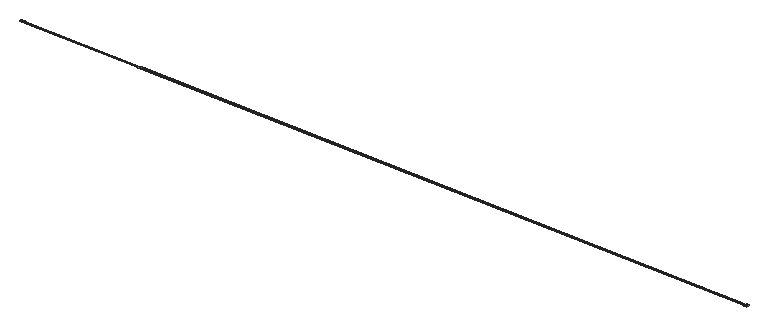
Revit family "Flex Pro IP65_0068187-90", category Lighting Fixtures, host Face, Revit 2017
Family settings
  Host = Face
  Round Connector Dimension = Use Diameter
  Part Type = Normal
  OmniClass Number = 23.80.70.00
  OmniClass Title = Lighting
  Cut with Voids When Loaded = No
  Light Source = Yes
  Shared = No
  Room Calculation Point = No
Parameters (values of type "0068189 FLEX PRO IP65 8900LM 940")
  Weight = "4.0 kg"
  Wattage Comments = ""
  Wattage = 72 W
  WarrantyStartDate [instance] = "n/a"
  WarrantyGuarantorParts = "n/a"
  WarrantyDurationUnit = "n/a"
  WarrantyDurationParts = "n/a"
  WarrantyDescription = "n/a"
  built-in parameter 1150110 = 1 (stored number, unit not read)
  Voltage = 0 V
  URL = "http://www.sylvania-lighting.com"
  TypeName = "Flex Pro IP65 8900lm 940"
  Type Image = <None>
  Type Comments = "n/a"
  built-in parameter 1114217 = 1 (stored number, unit not read)
  Tilt Angle = -90.00°
  built-in parameter 1150109 = 1 (stored number, unit not read)
  built-in parameter 1150134 = 12
  built-in parameter 1150113 = 1 (stored number, unit not read)
  SerialNumber [instance] = "n/a"
  Photometric Web File = "0068189.ies"
  PHOTOMETRY3_SYL = 0 mm
  PHOTOMETRY2_SYL = LUM_WIDTH_SYL  # 5 mm
  PHOTOMETRY1_SYL = LUM_LENGHT_SYL / 2  # 2500 mm
  Material_3_SYL = Default New Material
  PowerFactor = 0
  PowerConsumption = "72 W"
  NominalLength = 5000 mm
  NominalHeight = 4 mm
  NominalDepth = 12 mm
  Name = "Flex Pro IP65 8900lm 940"
  ModelReference = Name  # "Flex Pro IP65 8900lm 940"
  ModelNumber = "0068189"
  Model = Name  # "Flex Pro IP65 8900lm 940"
  Material = "other housing"
  ManufacturerName = "Feilo Sylvania"
  Manufacturer = "Feilo Sylvania"
  LuminousEfficacy = "122 lm/W"
  built-in parameter 1150105 = 699.01 (stored number, unit not read)
  Lumens = 8784 lm
  LuminaireType = ""
  built-in parameter 1150115 = 1 (stored number, unit not read)
  LightOutputRatio = "n/a"
  built-in parameter 1150137 = (empty or 0)
  built-in parameter 1150139 = (empty or 0)
  LampsType = Lamp  # "LED"
  LampNominalLuminous = "8900 lm"
  LampMacAdamStep = "n/a"
  LampColourTemperature = "4000 K"
  LampColourRenderingIndex = "90"
  built-in parameter 1150112 = 1 (stored number, unit not read)
  built-in parameter 1150114 = 1 (stored number, unit not read)
  Lamp = "LED"
  LUM_WIDTH_SYL = 5 mm
  LUM_LENGHT_SYL!!!! = "MUST BE DIVISIBLE WITH 100"
  LUM_LENGHT_SYL = 5000 mm  # constant formula
  LED_CH_S_WIDTH_SYL = 1.5 mm
  LED_CH_S_DEPTH2_SYL = 1.1 mm
  LED_CH_S_DEPTH1_SYL = 1.2 mm
  LED_CH_L_WIDTH_SYL = 1.7 mm
  LED_CH_L_DIST_SYL = 12.5 mm
  LED_CH_L_DIST1_SYL = 51.7 mm
  LED_CH_L_DEPTH_SYL = 1.4 mm
  Keynote = "16500"
  InstallationDate [instance] = "n/a"
  InputVoltage = "n/a"
  InputNominalFrequency = "n/a"
  built-in parameter 1150132 = (empty or 0)
  built-in parameter 1150102 = (empty or 0)
  built-in parameter 1150107 = 4000 (stored number, unit not read)
  built-in parameter 1150138 = (empty or 0)
  IngressProtection = "IP65"
  ImpactProtectionIndex = "IK00"
  built-in parameter 1150106 = 6.9901 (stored number, unit not read)
  IfcExportType = "IfcLightFixtureType"
  IfcExportAs = "IfcLightFixtureType"
  Emit from Circle Diameter = 609.6 mm
  Emit Shape Visible in Rendering = no
  ElectricShockClassification = "Class III"
  built-in parameter 1150104 = 11.334 (stored number, unit not read)
  DocumentationLiterature = "http://www.sylvania-lighting.com/product/en-int/products/0068189"
  DimmingControlOptions = "n/a"
  Material_2_SYL = Default New Material(1)
  Dimming Lamp Color Temperature Shift = <None>
  Description = ""
  Default Elevation = 1219.2 mm
  CreatedOn = "10/16/2020"
  CreatedBy = "@sylvania-lighting.com"
  Cost = 0
  Color Filter = 16777215
  built-in parameter 1114216 [instance] = (empty or 0)
  ClassificationValue = "EF_70_80"
  ClassificationName = "Uniclass2015"
  Material_1_SYL = Default
  CABLE_LENGHT_SYL = 1000 mm
  CABLE_FIX_SYL = 1 mm
  CABLE_END_SYL = 15 mm
  CABLE_DIST_SYL = 1.5 mm
  CABLE_DIST2_SYL = 1.5 mm
  CABLE_BLEND_SYL = 12 mm
  BarCode [instance] = "n/a"
  built-in parameter 1114218 = 1 (stored number, unit not read)
  built-in parameter 1150133 = 10 (stored number, unit not read)
  AssetType = "Fixed"
  AssetIdentifier [instance] = "n/a"
  Assembly Code = "D5020200"
  Apparent Load = 72 VA
  Material_4_SYL = none
Reference planes
  plane 1 "Center (Front/Back)": y = 0
  plane 2: z = 0
  plane 3 "Center (Left/Right)": x = 0
  plane 4: x = 5000
  plane 5: y = 5
  plane 6: y = -5
  plane 7: x = 1
  plane 8: x = -1000
  plane 9: x = -12
  plane 10: x = -985
  plane 11: y = 1.5
  plane 12: y = -1.5
  plane 13: y = 3.5
  plane 14: y = -3.5
  plane 15: y = 1.7
  plane 16: y = -1.7
  plane 17: y = 1.5
  plane 18: y = -1.5
  plane 19: x = 51.7
  plane 20: x = 64.2
  plane 21: x = 76.7
  plane 22: x = 89.2
  plane 23: x = 101.7
  plane 24: x = 114.2
  plane 25: x = 126.7
  plane 26: x = 139.2
  plane 27: x = 9.4
  plane 28: x = 6.6
  plane 29: x = 19.1
  plane 30: x = 21.9
  plane 31: x = 34.4
  plane 32: x = 31.6
  plane 33: x = 44.1
  plane 34: x = 46.9
  plane 35: x = 56.6
  plane 36: x = 59.4
  plane 37: x = 69.1
  plane 38: x = 71.9
  plane 39: x = 81.6
  plane 40: x = 84.4
  plane 41: x = 94.1
  plane 42: x = 96.9
  plane 43: x = 52.9
  plane 44: x = 50.6
  plane 45: x = 5012
  plane 46: y = -7
  plane 47: y = 7
  plane 48: y = 6
  plane 49: y = -6
Forms (mm)
  Extrusion 1, solid, material "Default" <- "Material_1_SYL"
    sketch origin (0, 0, 0) x (1, 0, 0) y (0, 1, 0)
      loop
        line (0, 5) -> (0, -5) -> (5000, -5) -> (5000, 5) -> (0, 5)
    from -0.9 to -1.2
  Sweep 2, solid, material "Default New Material(1)" <- "Material_2_SYL"
    path origin (0, 0, 0) x (1, 0, 0) y (0, 1, 0)
      loop
        line (-12, 1.5) -> (-985, 1.5)
    profile origin (-498.5, 1.5, 0) x (0, -1, 0) y (0, 0, 1)
      loop
        circle (0, 0) r 1.399
  Sweep 3, solid, material "Default New Material(1)" <- "Material_2_SYL"
    path origin (0, 0, 0) x (1, 0, 0) y (0, 1, 0)
      loop
        line (-12, -1.5) -> (-985, -1.5)
    profile origin (-498.5, -1.5, 0) x (0, -1, 0) y (0, 0, 1)
      loop
        circle (0, 0) r 1.353
  Revolve 4, solid
    sketch origin (0, 0, 0) x (1, 0, 0) y (0, 1, 0)
      loop
        line (-985, 1.5) -> (-985, 2.444) -> (-1000, 2.444) -> (-1000, 1.5) -> (-985, 1.5)
      axis (-985, 1.5) -> (-1000, 1.5)
    angle from 360 to 0
  Revolve 5, solid
    sketch origin (0, 0, 0) x (1, 0, 0) y (0, 1, 0)
      loop
        line (-985, -1.5) -> (-1000, -1.5) -> (-1000, -2.423) -> (-985, -2.423) -> (-985, -1.5)
      axis (-985, -1.5) -> (-1000, -1.5)
    angle from 360 to 0
  Extrusion 6, solid
    sketch origin (0, 0, 0) x (1, 0, 0) y (0, 1, 0)
      loop
        line (9.4, -1.7) -> (9.4, 1.7) -> (6.6, 1.7) -> (6.6, -1.7) -> (9.4, -1.7)
      loop
        line (19.1, 1.7) -> (19.1, -1.7) -> (21.9, -1.7) -> (21.9, 1.7) -> (19.1, 1.7)
      loop
        line (34.4, -1.7) -> (34.4, 1.7) -> (31.6, 1.7) -> (31.6, -1.7) -> (34.4, -1.7)
      loop
        line (46.9, -1.7) -> (46.9, 1.7) -> (44.1, 1.7) -> (44.1, -1.7) -> (46.9, -1.7)
      loop
        line (59.4, -1.7) -> (59.4, 1.7) -> (56.6, 1.7) -> (56.6, -1.7) -> (59.4, -1.7)
      loop
        line (71.9, -1.7) -> (71.9, 1.7) -> (69.1, 1.7) -> (69.1, -1.7) -> (71.9, -1.7)
      loop
        line (84.4, -1.7) -> (84.4, 1.7) -> (81.6, 1.7) -> (81.6, -1.7) -> (84.4, -1.7)
      loop
        line (96.9, -1.7) -> (96.9, 1.7) -> (94.1, 1.7) -> (94.1, -1.7) -> (96.9, -1.7)
    from -1.2 to 0
  Extrusion 7, solid
    sketch origin (0, 0, 0) x (1, 0, 0) y (0, 1, 0)
      loop
        line (52.9, -1.5) -> (52.9, 1.5) -> (50.6, 1.5) -> (50.6, -1.5) -> (52.9, -1.5)
    from -1.2 to -0.5
  Extrusion 8, solid
    sketch origin (4896.4, 0, 0) x (1, 0, 0) y (0, 1, 0)
      loop
        line (9.4, -1.7) -> (9.4, 1.7) -> (6.6, 1.7) -> (6.6, -1.7) -> (9.4, -1.7)
      loop
        line (19.1, 1.7) -> (19.1, -1.7) -> (21.9, -1.7) -> (21.9, 1.7) -> (19.1, 1.7)
      loop
        line (34.4, -1.7) -> (34.4, 1.7) -> (31.6, 1.7) -> (31.6, -1.7) -> (34.4, -1.7)
      loop
        line (46.9, -1.7) -> (46.9, 1.7) -> (44.1, 1.7) -> (44.1, -1.7) -> (46.9, -1.7)
      loop
        line (59.4, -1.7) -> (59.4, 1.7) -> (56.6, 1.7) -> (56.6, -1.7) -> (59.4, -1.7)
      loop
        line (71.9, -1.7) -> (71.9, 1.7) -> (69.1, 1.7) -> (69.1, -1.7) -> (71.9, -1.7)
      loop
        line (84.4, -1.7) -> (84.4, 1.7) -> (81.6, 1.7) -> (81.6, -1.7) -> (84.4, -1.7)
      loop
        line (96.9, -1.7) -> (96.9, 1.7) -> (94.1, 1.7) -> (94.1, -1.7) -> (96.9, -1.7)
    from -1.2 to 0
  Extrusion 9, solid
    sketch origin (99.927, 0, 0) x (1, 0, 0) y (0, 1, 0)
      loop
        line (9.4, -1.7) -> (9.4, 1.7) -> (6.6, 1.7) -> (6.6, -1.7) -> (9.4, -1.7)
      loop
        line (19.1, 1.7) -> (19.1, -1.7) -> (21.9, -1.7) -> (21.9, 1.7) -> (19.1, 1.7)
      loop
        line (34.4, -1.7) -> (34.4, 1.7) -> (31.6, 1.7) -> (31.6, -1.7) -> (34.4, -1.7)
      loop
        line (46.9, -1.7) -> (46.9, 1.7) -> (44.1, 1.7) -> (44.1, -1.7) -> (46.9, -1.7)
      loop
        line (59.4, -1.7) -> (59.4, 1.7) -> (56.6, 1.7) -> (56.6, -1.7) -> (59.4, -1.7)
      loop
        line (71.9, -1.7) -> (71.9, 1.7) -> (69.1, 1.7) -> (69.1, -1.7) -> (71.9, -1.7)
      loop
        line (84.4, -1.7) -> (84.4, 1.7) -> (81.6, 1.7) -> (81.6, -1.7) -> (84.4, -1.7)
      loop
        line (96.9, -1.7) -> (96.9, 1.7) -> (94.1, 1.7) -> (94.1, -1.7) -> (96.9, -1.7)
    from -1.2 to 0
  Extrusion 10, solid
    sketch origin (199.853, 0, 0) x (1, 0, 0) y (0, 1, 0)
      loop
        line (9.4, -1.7) -> (9.4, 1.7) -> (6.6, 1.7) -> (6.6, -1.7) -> (9.4, -1.7)
      loop
        line (19.1, 1.7) -> (19.1, -1.7) -> (21.9, -1.7) -> (21.9, 1.7) -> (19.1, 1.7)
      loop
        line (34.4, -1.7) -> (34.4, 1.7) -> (31.6, 1.7) -> (31.6, -1.7) -> (34.4, -1.7)
      loop
        line (46.9, -1.7) -> (46.9, 1.7) -> (44.1, 1.7) -> (44.1, -1.7) -> (46.9, -1.7)
      loop
        line (59.4, -1.7) -> (59.4, 1.7) -> (56.6, 1.7) -> (56.6, -1.7) -> (59.4, -1.7)
      loop
        line (71.9, -1.7) -> (71.9, 1.7) -> (69.1, 1.7) -> (69.1, -1.7) -> (71.9, -1.7)
      loop
        line (84.4, -1.7) -> (84.4, 1.7) -> (81.6, 1.7) -> (81.6, -1.7) -> (84.4, -1.7)
      loop
        line (96.9, -1.7) -> (96.9, 1.7) -> (94.1, 1.7) -> (94.1, -1.7) -> (96.9, -1.7)
    from -1.2 to 0
  Extrusion 11, solid
    sketch origin (299.78, 0, 0) x (1, 0, 0) y (0, 1, 0)
      loop
        line (9.4, -1.7) -> (9.4, 1.7) -> (6.6, 1.7) -> (6.6, -1.7) -> (9.4, -1.7)
      loop
        line (19.1, 1.7) -> (19.1, -1.7) -> (21.9, -1.7) -> (21.9, 1.7) -> (19.1, 1.7)
      loop
        line (34.4, -1.7) -> (34.4, 1.7) -> (31.6, 1.7) -> (31.6, -1.7) -> (34.4, -1.7)
      loop
        line (46.9, -1.7) -> (46.9, 1.7) -> (44.1, 1.7) -> (44.1, -1.7) -> (46.9, -1.7)
      loop
        line (59.4, -1.7) -> (59.4, 1.7) -> (56.6, 1.7) -> (56.6, -1.7) -> (59.4, -1.7)
      loop
        line (71.9, -1.7) -> (71.9, 1.7) -> (69.1, 1.7) -> (69.1, -1.7) -> (71.9, -1.7)
      loop
        line (84.4, -1.7) -> (84.4, 1.7) -> (81.6, 1.7) -> (81.6, -1.7) -> (84.4, -1.7)
      loop
        line (96.9, -1.7) -> (96.9, 1.7) -> (94.1, 1.7) -> (94.1, -1.7) -> (96.9, -1.7)
    from -1.2 to 0
  Extrusion 12, solid
    sketch origin (399.706, 0, 0) x (1, 0, 0) y (0, 1, 0)
      loop
        line (9.4, -1.7) -> (9.4, 1.7) -> (6.6, 1.7) -> (6.6, -1.7) -> (9.4, -1.7)
      loop
        line (19.1, 1.7) -> (19.1, -1.7) -> (21.9, -1.7) -> (21.9, 1.7) -> (19.1, 1.7)
      loop
        line (34.4, -1.7) -> (34.4, 1.7) -> (31.6, 1.7) -> (31.6, -1.7) -> (34.4, -1.7)
      loop
        line (46.9, -1.7) -> (46.9, 1.7) -> (44.1, 1.7) -> (44.1, -1.7) -> (46.9, -1.7)
      loop
        line (59.4, -1.7) -> (59.4, 1.7) -> (56.6, 1.7) -> (56.6, -1.7) -> (59.4, -1.7)
      loop
        line (71.9, -1.7) -> (71.9, 1.7) -> (69.1, 1.7) -> (69.1, -1.7) -> (71.9, -1.7)
      loop
        line (84.4, -1.7) -> (84.4, 1.7) -> (81.6, 1.7) -> (81.6, -1.7) -> (84.4, -1.7)
      loop
        line (96.9, -1.7) -> (96.9, 1.7) -> (94.1, 1.7) -> (94.1, -1.7) -> (96.9, -1.7)
    from -1.2 to 0
  Extrusion 13, solid
    sketch origin (499.633, 0, 0) x (1, 0, 0) y (0, 1, 0)
      loop
        line (9.4, -1.7) -> (9.4, 1.7) -> (6.6, 1.7) -> (6.6, -1.7) -> (9.4, -1.7)
      loop
        line (19.1, 1.7) -> (19.1, -1.7) -> (21.9, -1.7) -> (21.9, 1.7) -> (19.1, 1.7)
      loop
        line (34.4, -1.7) -> (34.4, 1.7) -> (31.6, 1.7) -> (31.6, -1.7) -> (34.4, -1.7)
      loop
        line (46.9, -1.7) -> (46.9, 1.7) -> (44.1, 1.7) -> (44.1, -1.7) -> (46.9, -1.7)
      loop
        line (59.4, -1.7) -> (59.4, 1.7) -> (56.6, 1.7) -> (56.6, -1.7) -> (59.4, -1.7)
      loop
        line (71.9, -1.7) -> (71.9, 1.7) -> (69.1, 1.7) -> (69.1, -1.7) -> (71.9, -1.7)
      loop
        line (84.4, -1.7) -> (84.4, 1.7) -> (81.6, 1.7) -> (81.6, -1.7) -> (84.4, -1.7)
      loop
        line (96.9, -1.7) -> (96.9, 1.7) -> (94.1, 1.7) -> (94.1, -1.7) -> (96.9, -1.7)
    from -1.2 to 0
  Extrusion 14, solid
    sketch origin (599.559, 0, 0) x (1, 0, 0) y (0, 1, 0)
      loop
        line (9.4, -1.7) -> (9.4, 1.7) -> (6.6, 1.7) -> (6.6, -1.7) -> (9.4, -1.7)
      loop
        line (19.1, 1.7) -> (19.1, -1.7) -> (21.9, -1.7) -> (21.9, 1.7) -> (19.1, 1.7)
      loop
        line (34.4, -1.7) -> (34.4, 1.7) -> (31.6, 1.7) -> (31.6, -1.7) -> (34.4, -1.7)
      loop
        line (46.9, -1.7) -> (46.9, 1.7) -> (44.1, 1.7) -> (44.1, -1.7) -> (46.9, -1.7)
      loop
        line (59.4, -1.7) -> (59.4, 1.7) -> (56.6, 1.7) -> (56.6, -1.7) -> (59.4, -1.7)
      loop
        line (71.9, -1.7) -> (71.9, 1.7) -> (69.1, 1.7) -> (69.1, -1.7) -> (71.9, -1.7)
      loop
        line (84.4, -1.7) -> (84.4, 1.7) -> (81.6, 1.7) -> (81.6, -1.7) -> (84.4, -1.7)
      loop
        line (96.9, -1.7) -> (96.9, 1.7) -> (94.1, 1.7) -> (94.1, -1.7) -> (96.9, -1.7)
    from -1.2 to 0
  Extrusion 15, solid
    sketch origin (699.486, 0, 0) x (1, 0, 0) y (0, 1, 0)
      loop
        line (9.4, -1.7) -> (9.4, 1.7) -> (6.6, 1.7) -> (6.6, -1.7) -> (9.4, -1.7)
      loop
        line (19.1, 1.7) -> (19.1, -1.7) -> (21.9, -1.7) -> (21.9, 1.7) -> (19.1, 1.7)
      loop
        line (34.4, -1.7) -> (34.4, 1.7) -> (31.6, 1.7) -> (31.6, -1.7) -> (34.4, -1.7)
      loop
        line (46.9, -1.7) -> (46.9, 1.7) -> (44.1, 1.7) -> (44.1, -1.7) -> (46.9, -1.7)
      loop
        line (59.4, -1.7) -> (59.4, 1.7) -> (56.6, 1.7) -> (56.6, -1.7) -> (59.4, -1.7)
      loop
        line (71.9, -1.7) -> (71.9, 1.7) -> (69.1, 1.7) -> (69.1, -1.7) -> (71.9, -1.7)
      loop
        line (84.4, -1.7) -> (84.4, 1.7) -> (81.6, 1.7) -> (81.6, -1.7) -> (84.4, -1.7)
      loop
        line (96.9, -1.7) -> (96.9, 1.7) -> (94.1, 1.7) -> (94.1, -1.7) -> (96.9, -1.7)
    from -1.2 to 0
  Extrusion 16, solid
    sketch origin (799.412, 0, 0) x (1, 0, 0) y (0, 1, 0)
      loop
        line (9.4, -1.7) -> (9.4, 1.7) -> (6.6, 1.7) -> (6.6, -1.7) -> (9.4, -1.7)
      loop
        line (19.1, 1.7) -> (19.1, -1.7) -> (21.9, -1.7) -> (21.9, 1.7) -> (19.1, 1.7)
      loop
        line (34.4, -1.7) -> (34.4, 1.7) -> (31.6, 1.7) -> (31.6, -1.7) -> (34.4, -1.7)
      loop
        line (46.9, -1.7) -> (46.9, 1.7) -> (44.1, 1.7) -> (44.1, -1.7) -> (46.9, -1.7)
      loop
        line (59.4, -1.7) -> (59.4, 1.7) -> (56.6, 1.7) -> (56.6, -1.7) -> (59.4, -1.7)
      loop
        line (71.9, -1.7) -> (71.9, 1.7) -> (69.1, 1.7) -> (69.1, -1.7) -> (71.9, -1.7)
      loop
        line (84.4, -1.7) -> (84.4, 1.7) -> (81.6, 1.7) -> (81.6, -1.7) -> (84.4, -1.7)
      loop
        line (96.9, -1.7) -> (96.9, 1.7) -> (94.1, 1.7) -> (94.1, -1.7) -> (96.9, -1.7)
    from -1.2 to 0
  Extrusion 17, solid
    sketch origin (899.339, 0, 0) x (1, 0, 0) y (0, 1, 0)
      loop
        line (9.4, -1.7) -> (9.4, 1.7) -> (6.6, 1.7) -> (6.6, -1.7) -> (9.4, -1.7)
      loop
        line (19.1, 1.7) -> (19.1, -1.7) -> (21.9, -1.7) -> (21.9, 1.7) -> (19.1, 1.7)
      loop
        line (34.4, -1.7) -> (34.4, 1.7) -> (31.6, 1.7) -> (31.6, -1.7) -> (34.4, -1.7)
      loop
        line (46.9, -1.7) -> (46.9, 1.7) -> (44.1, 1.7) -> (44.1, -1.7) -> (46.9, -1.7)
      loop
        line (59.4, -1.7) -> (59.4, 1.7) -> (56.6, 1.7) -> (56.6, -1.7) -> (59.4, -1.7)
      loop
        line (71.9, -1.7) -> (71.9, 1.7) -> (69.1, 1.7) -> (69.1, -1.7) -> (71.9, -1.7)
      loop
        line (84.4, -1.7) -> (84.4, 1.7) -> (81.6, 1.7) -> (81.6, -1.7) -> (84.4, -1.7)
      loop
        line (96.9, -1.7) -> (96.9, 1.7) -> (94.1, 1.7) -> (94.1, -1.7) -> (96.9, -1.7)
    from -1.2 to 0
  Extrusion 18, solid
    sketch origin (999.265, 0, 0) x (1, 0, 0) y (0, 1, 0)
      loop
        line (9.4, -1.7) -> (9.4, 1.7) -> (6.6, 1.7) -> (6.6, -1.7) -> (9.4, -1.7)
      loop
        line (19.1, 1.7) -> (19.1, -1.7) -> (21.9, -1.7) -> (21.9, 1.7) -> (19.1, 1.7)
      loop
        line (34.4, -1.7) -> (34.4, 1.7) -> (31.6, 1.7) -> (31.6, -1.7) -> (34.4, -1.7)
      loop
        line (46.9, -1.7) -> (46.9, 1.7) -> (44.1, 1.7) -> (44.1, -1.7) -> (46.9, -1.7)
      loop
        line (59.4, -1.7) -> (59.4, 1.7) -> (56.6, 1.7) -> (56.6, -1.7) -> (59.4, -1.7)
      loop
        line (71.9, -1.7) -> (71.9, 1.7) -> (69.1, 1.7) -> (69.1, -1.7) -> (71.9, -1.7)
      loop
        line (84.4, -1.7) -> (84.4, 1.7) -> (81.6, 1.7) -> (81.6, -1.7) -> (84.4, -1.7)
      loop
        line (96.9, -1.7) -> (96.9, 1.7) -> (94.1, 1.7) -> (94.1, -1.7) -> (96.9, -1.7)
    from -1.2 to 0
  Extrusion 19, solid
    sketch origin (1099.192, 0, 0) x (1, 0, 0) y (0, 1, 0)
      loop
        line (9.4, -1.7) -> (9.4, 1.7) -> (6.6, 1.7) -> (6.6, -1.7) -> (9.4, -1.7)
      loop
        line (19.1, 1.7) -> (19.1, -1.7) -> (21.9, -1.7) -> (21.9, 1.7) -> (19.1, 1.7)
      loop
        line (34.4, -1.7) -> (34.4, 1.7) -> (31.6, 1.7) -> (31.6, -1.7) -> (34.4, -1.7)
      loop
        line (46.9, -1.7) -> (46.9, 1.7) -> (44.1, 1.7) -> (44.1, -1.7) -> (46.9, -1.7)
      loop
        line (59.4, -1.7) -> (59.4, 1.7) -> (56.6, 1.7) -> (56.6, -1.7) -> (59.4, -1.7)
      loop
        line (71.9, -1.7) -> (71.9, 1.7) -> (69.1, 1.7) -> (69.1, -1.7) -> (71.9, -1.7)
      loop
        line (84.4, -1.7) -> (84.4, 1.7) -> (81.6, 1.7) -> (81.6, -1.7) -> (84.4, -1.7)
      loop
        line (96.9, -1.7) -> (96.9, 1.7) -> (94.1, 1.7) -> (94.1, -1.7) -> (96.9, -1.7)
    from -1.2 to 0
  Extrusion 20, solid
    sketch origin (1199.118, 0, 0) x (1, 0, 0) y (0, 1, 0)
      loop
        line (9.4, -1.7) -> (9.4, 1.7) -> (6.6, 1.7) -> (6.6, -1.7) -> (9.4, -1.7)
      loop
        line (19.1, 1.7) -> (19.1, -1.7) -> (21.9, -1.7) -> (21.9, 1.7) -> (19.1, 1.7)
      loop
        line (34.4, -1.7) -> (34.4, 1.7) -> (31.6, 1.7) -> (31.6, -1.7) -> (34.4, -1.7)
      loop
        line (46.9, -1.7) -> (46.9, 1.7) -> (44.1, 1.7) -> (44.1, -1.7) -> (46.9, -1.7)
      loop
        line (59.4, -1.7) -> (59.4, 1.7) -> (56.6, 1.7) -> (56.6, -1.7) -> (59.4, -1.7)
      loop
        line (71.9, -1.7) -> (71.9, 1.7) -> (69.1, 1.7) -> (69.1, -1.7) -> (71.9, -1.7)
      loop
        line (84.4, -1.7) -> (84.4, 1.7) -> (81.6, 1.7) -> (81.6, -1.7) -> (84.4, -1.7)
      loop
        line (96.9, -1.7) -> (96.9, 1.7) -> (94.1, 1.7) -> (94.1, -1.7) -> (96.9, -1.7)
    from -1.2 to 0
  Extrusion 21, solid
    sketch origin (1299.045, 0, 0) x (1, 0, 0) y (0, 1, 0)
      loop
        line (9.4, -1.7) -> (9.4, 1.7) -> (6.6, 1.7) -> (6.6, -1.7) -> (9.4, -1.7)
      loop
        line (19.1, 1.7) -> (19.1, -1.7) -> (21.9, -1.7) -> (21.9, 1.7) -> (19.1, 1.7)
      loop
        line (34.4, -1.7) -> (34.4, 1.7) -> (31.6, 1.7) -> (31.6, -1.7) -> (34.4, -1.7)
      loop
        line (46.9, -1.7) -> (46.9, 1.7) -> (44.1, 1.7) -> (44.1, -1.7) -> (46.9, -1.7)
      loop
        line (59.4, -1.7) -> (59.4, 1.7) -> (56.6, 1.7) -> (56.6, -1.7) -> (59.4, -1.7)
      loop
        line (71.9, -1.7) -> (71.9, 1.7) -> (69.1, 1.7) -> (69.1, -1.7) -> (71.9, -1.7)
      loop
        line (84.4, -1.7) -> (84.4, 1.7) -> (81.6, 1.7) -> (81.6, -1.7) -> (84.4, -1.7)
      loop
        line (96.9, -1.7) -> (96.9, 1.7) -> (94.1, 1.7) -> (94.1, -1.7) -> (96.9, -1.7)
    from -1.2 to 0
  Extrusion 22, solid
    sketch origin (1398.971, 0, 0) x (1, 0, 0) y (0, 1, 0)
      loop
        line (9.4, -1.7) -> (9.4, 1.7) -> (6.6, 1.7) -> (6.6, -1.7) -> (9.4, -1.7)
      loop
        line (19.1, 1.7) -> (19.1, -1.7) -> (21.9, -1.7) -> (21.9, 1.7) -> (19.1, 1.7)
      loop
        line (34.4, -1.7) -> (34.4, 1.7) -> (31.6, 1.7) -> (31.6, -1.7) -> (34.4, -1.7)
      loop
        line (46.9, -1.7) -> (46.9, 1.7) -> (44.1, 1.7) -> (44.1, -1.7) -> (46.9, -1.7)
      loop
        line (59.4, -1.7) -> (59.4, 1.7) -> (56.6, 1.7) -> (56.6, -1.7) -> (59.4, -1.7)
      loop
        line (71.9, -1.7) -> (71.9, 1.7) -> (69.1, 1.7) -> (69.1, -1.7) -> (71.9, -1.7)
      loop
        line (84.4, -1.7) -> (84.4, 1.7) -> (81.6, 1.7) -> (81.6, -1.7) -> (84.4, -1.7)
      loop
        line (96.9, -1.7) -> (96.9, 1.7) -> (94.1, 1.7) -> (94.1, -1.7) -> (96.9, -1.7)
    from -1.2 to 0
  Extrusion 23, solid
    sketch origin (1498.898, 0, 0) x (1, 0, 0) y (0, 1, 0)
      loop
        line (9.4, -1.7) -> (9.4, 1.7) -> (6.6, 1.7) -> (6.6, -1.7) -> (9.4, -1.7)
      loop
        line (19.1, 1.7) -> (19.1, -1.7) -> (21.9, -1.7) -> (21.9, 1.7) -> (19.1, 1.7)
      loop
        line (34.4, -1.7) -> (34.4, 1.7) -> (31.6, 1.7) -> (31.6, -1.7) -> (34.4, -1.7)
      loop
        line (46.9, -1.7) -> (46.9, 1.7) -> (44.1, 1.7) -> (44.1, -1.7) -> (46.9, -1.7)
      loop
        line (59.4, -1.7) -> (59.4, 1.7) -> (56.6, 1.7) -> (56.6, -1.7) -> (59.4, -1.7)
      loop
        line (71.9, -1.7) -> (71.9, 1.7) -> (69.1, 1.7) -> (69.1, -1.7) -> (71.9, -1.7)
      loop
        line (84.4, -1.7) -> (84.4, 1.7) -> (81.6, 1.7) -> (81.6, -1.7) -> (84.4, -1.7)
      loop
        line (96.9, -1.7) -> (96.9, 1.7) -> (94.1, 1.7) -> (94.1, -1.7) -> (96.9, -1.7)
    from -1.2 to 0
  Extrusion 24, solid
    sketch origin (1598.824, 0, 0) x (1, 0, 0) y (0, 1, 0)
      loop
        line (9.4, -1.7) -> (9.4, 1.7) -> (6.6, 1.7) -> (6.6, -1.7) -> (9.4, -1.7)
      loop
        line (19.1, 1.7) -> (19.1, -1.7) -> (21.9, -1.7) -> (21.9, 1.7) -> (19.1, 1.7)
      loop
        line (34.4, -1.7) -> (34.4, 1.7) -> (31.6, 1.7) -> (31.6, -1.7) -> (34.4, -1.7)
      loop
        line (46.9, -1.7) -> (46.9, 1.7) -> (44.1, 1.7) -> (44.1, -1.7) -> (46.9, -1.7)
      loop
        line (59.4, -1.7) -> (59.4, 1.7) -> (56.6, 1.7) -> (56.6, -1.7) -> (59.4, -1.7)
      loop
        line (71.9, -1.7) -> (71.9, 1.7) -> (69.1, 1.7) -> (69.1, -1.7) -> (71.9, -1.7)
      loop
        line (84.4, -1.7) -> (84.4, 1.7) -> (81.6, 1.7) -> (81.6, -1.7) -> (84.4, -1.7)
      loop
        line (96.9, -1.7) -> (96.9, 1.7) -> (94.1, 1.7) -> (94.1, -1.7) -> (96.9, -1.7)
    from -1.2 to 0
  Extrusion 25, solid
    sketch origin (1698.751, 0, 0) x (1, 0, 0) y (0, 1, 0)
      loop
        line (9.4, -1.7) -> (9.4, 1.7) -> (6.6, 1.7) -> (6.6, -1.7) -> (9.4, -1.7)
      loop
        line (19.1, 1.7) -> (19.1, -1.7) -> (21.9, -1.7) -> (21.9, 1.7) -> (19.1, 1.7)
      loop
        line (34.4, -1.7) -> (34.4, 1.7) -> (31.6, 1.7) -> (31.6, -1.7) -> (34.4, -1.7)
      loop
        line (46.9, -1.7) -> (46.9, 1.7) -> (44.1, 1.7) -> (44.1, -1.7) -> (46.9, -1.7)
      loop
        line (59.4, -1.7) -> (59.4, 1.7) -> (56.6, 1.7) -> (56.6, -1.7) -> (59.4, -1.7)
      loop
        line (71.9, -1.7) -> (71.9, 1.7) -> (69.1, 1.7) -> (69.1, -1.7) -> (71.9, -1.7)
      loop
        line (84.4, -1.7) -> (84.4, 1.7) -> (81.6, 1.7) -> (81.6, -1.7) -> (84.4, -1.7)
      loop
        line (96.9, -1.7) -> (96.9, 1.7) -> (94.1, 1.7) -> (94.1, -1.7) -> (96.9, -1.7)
    from -1.2 to 0
  Extrusion 26, solid
    sketch origin (1798.678, 0, 0) x (1, 0, 0) y (0, 1, 0)
      loop
        line (9.4, -1.7) -> (9.4, 1.7) -> (6.6, 1.7) -> (6.6, -1.7) -> (9.4, -1.7)
      loop
        line (19.1, 1.7) -> (19.1, -1.7) -> (21.9, -1.7) -> (21.9, 1.7) -> (19.1, 1.7)
      loop
        line (34.4, -1.7) -> (34.4, 1.7) -> (31.6, 1.7) -> (31.6, -1.7) -> (34.4, -1.7)
      loop
        line (46.9, -1.7) -> (46.9, 1.7) -> (44.1, 1.7) -> (44.1, -1.7) -> (46.9, -1.7)
      loop
        line (59.4, -1.7) -> (59.4, 1.7) -> (56.6, 1.7) -> (56.6, -1.7) -> (59.4, -1.7)
      loop
        line (71.9, -1.7) -> (71.9, 1.7) -> (69.1, 1.7) -> (69.1, -1.7) -> (71.9, -1.7)
      loop
        line (84.4, -1.7) -> (84.4, 1.7) -> (81.6, 1.7) -> (81.6, -1.7) -> (84.4, -1.7)
      loop
        line (96.9, -1.7) -> (96.9, 1.7) -> (94.1, 1.7) -> (94.1, -1.7) -> (96.9, -1.7)
    from -1.2 to 0
  Extrusion 27, solid
    sketch origin (1898.604, 0, 0) x (1, 0, 0) y (0, 1, 0)
      loop
        line (9.4, -1.7) -> (9.4, 1.7) -> (6.6, 1.7) -> (6.6, -1.7) -> (9.4, -1.7)
      loop
        line (19.1, 1.7) -> (19.1, -1.7) -> (21.9, -1.7) -> (21.9, 1.7) -> (19.1, 1.7)
      loop
        line (34.4, -1.7) -> (34.4, 1.7) -> (31.6, 1.7) -> (31.6, -1.7) -> (34.4, -1.7)
      loop
        line (46.9, -1.7) -> (46.9, 1.7) -> (44.1, 1.7) -> (44.1, -1.7) -> (46.9, -1.7)
      loop
        line (59.4, -1.7) -> (59.4, 1.7) -> (56.6, 1.7) -> (56.6, -1.7) -> (59.4, -1.7)
      loop
        line (71.9, -1.7) -> (71.9, 1.7) -> (69.1, 1.7) -> (69.1, -1.7) -> (71.9, -1.7)
      loop
        line (84.4, -1.7) -> (84.4, 1.7) -> (81.6, 1.7) -> (81.6, -1.7) -> (84.4, -1.7)
      loop
        line (96.9, -1.7) -> (96.9, 1.7) -> (94.1, 1.7) -> (94.1, -1.7) -> (96.9, -1.7)
    from -1.2 to 0
  Extrusion 28, solid
    sketch origin (1998.531, 0, 0) x (1, 0, 0) y (0, 1, 0)
      loop
        line (9.4, -1.7) -> (9.4, 1.7) -> (6.6, 1.7) -> (6.6, -1.7) -> (9.4, -1.7)
      loop
        line (19.1, 1.7) -> (19.1, -1.7) -> (21.9, -1.7) -> (21.9, 1.7) -> (19.1, 1.7)
      loop
        line (34.4, -1.7) -> (34.4, 1.7) -> (31.6, 1.7) -> (31.6, -1.7) -> (34.4, -1.7)
      loop
        line (46.9, -1.7) -> (46.9, 1.7) -> (44.1, 1.7) -> (44.1, -1.7) -> (46.9, -1.7)
      loop
        line (59.4, -1.7) -> (59.4, 1.7) -> (56.6, 1.7) -> (56.6, -1.7) -> (59.4, -1.7)
      loop
        line (71.9, -1.7) -> (71.9, 1.7) -> (69.1, 1.7) -> (69.1, -1.7) -> (71.9, -1.7)
      loop
        line (84.4, -1.7) -> (84.4, 1.7) -> (81.6, 1.7) -> (81.6, -1.7) -> (84.4, -1.7)
      loop
        line (96.9, -1.7) -> (96.9, 1.7) -> (94.1, 1.7) -> (94.1, -1.7) -> (96.9, -1.7)
    from -1.2 to 0
  Extrusion 29, solid
    sketch origin (2098.457, 0, 0) x (1, 0, 0) y (0, 1, 0)
      loop
        line (9.4, -1.7) -> (9.4, 1.7) -> (6.6, 1.7) -> (6.6, -1.7) -> (9.4, -1.7)
      loop
        line (19.1, 1.7) -> (19.1, -1.7) -> (21.9, -1.7) -> (21.9, 1.7) -> (19.1, 1.7)
      loop
        line (34.4, -1.7) -> (34.4, 1.7) -> (31.6, 1.7) -> (31.6, -1.7) -> (34.4, -1.7)
      loop
        line (46.9, -1.7) -> (46.9, 1.7) -> (44.1, 1.7) -> (44.1, -1.7) -> (46.9, -1.7)
      loop
        line (59.4, -1.7) -> (59.4, 1.7) -> (56.6, 1.7) -> (56.6, -1.7) -> (59.4, -1.7)
      loop
        line (71.9, -1.7) -> (71.9, 1.7) -> (69.1, 1.7) -> (69.1, -1.7) -> (71.9, -1.7)
      loop
        line (84.4, -1.7) -> (84.4, 1.7) -> (81.6, 1.7) -> (81.6, -1.7) -> (84.4, -1.7)
      loop
        line (96.9, -1.7) -> (96.9, 1.7) -> (94.1, 1.7) -> (94.1, -1.7) -> (96.9, -1.7)
    from -1.2 to 0
  Extrusion 30, solid
    sketch origin (2198.384, 0, 0) x (1, 0, 0) y (0, 1, 0)
      loop
        line (9.4, -1.7) -> (9.4, 1.7) -> (6.6, 1.7) -> (6.6, -1.7) -> (9.4, -1.7)
      loop
        line (19.1, 1.7) -> (19.1, -1.7) -> (21.9, -1.7) -> (21.9, 1.7) -> (19.1, 1.7)
      loop
        line (34.4, -1.7) -> (34.4, 1.7) -> (31.6, 1.7) -> (31.6, -1.7) -> (34.4, -1.7)
      loop
        line (46.9, -1.7) -> (46.9, 1.7) -> (44.1, 1.7) -> (44.1, -1.7) -> (46.9, -1.7)
      loop
        line (59.4, -1.7) -> (59.4, 1.7) -> (56.6, 1.7) -> (56.6, -1.7) -> (59.4, -1.7)
      loop
        line (71.9, -1.7) -> (71.9, 1.7) -> (69.1, 1.7) -> (69.1, -1.7) -> (71.9, -1.7)
      loop
        line (84.4, -1.7) -> (84.4, 1.7) -> (81.6, 1.7) -> (81.6, -1.7) -> (84.4, -1.7)
      loop
        line (96.9, -1.7) -> (96.9, 1.7) -> (94.1, 1.7) -> (94.1, -1.7) -> (96.9, -1.7)
    from -1.2 to 0
  Extrusion 31, solid
    sketch origin (2298.31, 0, 0) x (1, 0, 0) y (0, 1, 0)
      loop
        line (9.4, -1.7) -> (9.4, 1.7) -> (6.6, 1.7) -> (6.6, -1.7) -> (9.4, -1.7)
      loop
        line (19.1, 1.7) -> (19.1, -1.7) -> (21.9, -1.7) -> (21.9, 1.7) -> (19.1, 1.7)
      loop
        line (34.4, -1.7) -> (34.4, 1.7) -> (31.6, 1.7) -> (31.6, -1.7) -> (34.4, -1.7)
      loop
        line (46.9, -1.7) -> (46.9, 1.7) -> (44.1, 1.7) -> (44.1, -1.7) -> (46.9, -1.7)
      loop
        line (59.4, -1.7) -> (59.4, 1.7) -> (56.6, 1.7) -> (56.6, -1.7) -> (59.4, -1.7)
      loop
        line (71.9, -1.7) -> (71.9, 1.7) -> (69.1, 1.7) -> (69.1, -1.7) -> (71.9, -1.7)
      loop
        line (84.4, -1.7) -> (84.4, 1.7) -> (81.6, 1.7) -> (81.6, -1.7) -> (84.4, -1.7)
      loop
        line (96.9, -1.7) -> (96.9, 1.7) -> (94.1, 1.7) -> (94.1, -1.7) -> (96.9, -1.7)
    from -1.2 to 0
  Extrusion 32, solid
    sketch origin (2398.237, 0, 0) x (1, 0, 0) y (0, 1, 0)
      loop
        line (9.4, -1.7) -> (9.4, 1.7) -> (6.6, 1.7) -> (6.6, -1.7) -> (9.4, -1.7)
      loop
        line (19.1, 1.7) -> (19.1, -1.7) -> (21.9, -1.7) -> (21.9, 1.7) -> (19.1, 1.7)
      loop
        line (34.4, -1.7) -> (34.4, 1.7) -> (31.6, 1.7) -> (31.6, -1.7) -> (34.4, -1.7)
      loop
        line (46.9, -1.7) -> (46.9, 1.7) -> (44.1, 1.7) -> (44.1, -1.7) -> (46.9, -1.7)
      loop
        line (59.4, -1.7) -> (59.4, 1.7) -> (56.6, 1.7) -> (56.6, -1.7) -> (59.4, -1.7)
      loop
        line (71.9, -1.7) -> (71.9, 1.7) -> (69.1, 1.7) -> (69.1, -1.7) -> (71.9, -1.7)
      loop
        line (84.4, -1.7) -> (84.4, 1.7) -> (81.6, 1.7) -> (81.6, -1.7) -> (84.4, -1.7)
      loop
        line (96.9, -1.7) -> (96.9, 1.7) -> (94.1, 1.7) -> (94.1, -1.7) -> (96.9, -1.7)
    from -1.2 to 0
  Extrusion 33, solid
    sketch origin (2498.163, 0, 0) x (1, 0, 0) y (0, 1, 0)
      loop
        line (9.4, -1.7) -> (9.4, 1.7) -> (6.6, 1.7) -> (6.6, -1.7) -> (9.4, -1.7)
      loop
        line (19.1, 1.7) -> (19.1, -1.7) -> (21.9, -1.7) -> (21.9, 1.7) -> (19.1, 1.7)
      loop
        line (34.4, -1.7) -> (34.4, 1.7) -> (31.6, 1.7) -> (31.6, -1.7) -> (34.4, -1.7)
      loop
        line (46.9, -1.7) -> (46.9, 1.7) -> (44.1, 1.7) -> (44.1, -1.7) -> (46.9, -1.7)
      loop
        line (59.4, -1.7) -> (59.4, 1.7) -> (56.6, 1.7) -> (56.6, -1.7) -> (59.4, -1.7)
      loop
        line (71.9, -1.7) -> (71.9, 1.7) -> (69.1, 1.7) -> (69.1, -1.7) -> (71.9, -1.7)
      loop
        line (84.4, -1.7) -> (84.4, 1.7) -> (81.6, 1.7) -> (81.6, -1.7) -> (84.4, -1.7)
      loop
        line (96.9, -1.7) -> (96.9, 1.7) -> (94.1, 1.7) -> (94.1, -1.7) -> (96.9, -1.7)
    from -1.2 to 0
  Extrusion 34, solid
    sketch origin (2598.09, 0, 0) x (1, 0, 0) y (0, 1, 0)
      loop
        line (9.4, -1.7) -> (9.4, 1.7) -> (6.6, 1.7) -> (6.6, -1.7) -> (9.4, -1.7)
      loop
        line (19.1, 1.7) -> (19.1, -1.7) -> (21.9, -1.7) -> (21.9, 1.7) -> (19.1, 1.7)
      loop
        line (34.4, -1.7) -> (34.4, 1.7) -> (31.6, 1.7) -> (31.6, -1.7) -> (34.4, -1.7)
      loop
        line (46.9, -1.7) -> (46.9, 1.7) -> (44.1, 1.7) -> (44.1, -1.7) -> (46.9, -1.7)
      loop
        line (59.4, -1.7) -> (59.4, 1.7) -> (56.6, 1.7) -> (56.6, -1.7) -> (59.4, -1.7)
      loop
        line (71.9, -1.7) -> (71.9, 1.7) -> (69.1, 1.7) -> (69.1, -1.7) -> (71.9, -1.7)
      loop
        line (84.4, -1.7) -> (84.4, 1.7) -> (81.6, 1.7) -> (81.6, -1.7) -> (84.4, -1.7)
      loop
        line (96.9, -1.7) -> (96.9, 1.7) -> (94.1, 1.7) -> (94.1, -1.7) -> (96.9, -1.7)
    from -1.2 to 0
  Extrusion 35, solid
    sketch origin (2698.016, 0, 0) x (1, 0, 0) y (0, 1, 0)
      loop
        line (9.4, -1.7) -> (9.4, 1.7) -> (6.6, 1.7) -> (6.6, -1.7) -> (9.4, -1.7)
      loop
        line (19.1, 1.7) -> (19.1, -1.7) -> (21.9, -1.7) -> (21.9, 1.7) -> (19.1, 1.7)
      loop
        line (34.4, -1.7) -> (34.4, 1.7) -> (31.6, 1.7) -> (31.6, -1.7) -> (34.4, -1.7)
      loop
        line (46.9, -1.7) -> (46.9, 1.7) -> (44.1, 1.7) -> (44.1, -1.7) -> (46.9, -1.7)
      loop
        line (59.4, -1.7) -> (59.4, 1.7) -> (56.6, 1.7) -> (56.6, -1.7) -> (59.4, -1.7)
      loop
        line (71.9, -1.7) -> (71.9, 1.7) -> (69.1, 1.7) -> (69.1, -1.7) -> (71.9, -1.7)
      loop
        line (84.4, -1.7) -> (84.4, 1.7) -> (81.6, 1.7) -> (81.6, -1.7) -> (84.4, -1.7)
      loop
        line (96.9, -1.7) -> (96.9, 1.7) -> (94.1, 1.7) -> (94.1, -1.7) -> (96.9, -1.7)
    from -1.2 to 0
  Extrusion 36, solid
    sketch origin (2797.943, 0, 0) x (1, 0, 0) y (0, 1, 0)
      loop
        line (9.4, -1.7) -> (9.4, 1.7) -> (6.6, 1.7) -> (6.6, -1.7) -> (9.4, -1.7)
      loop
        line (19.1, 1.7) -> (19.1, -1.7) -> (21.9, -1.7) -> (21.9, 1.7) -> (19.1, 1.7)
      loop
        line (34.4, -1.7) -> (34.4, 1.7) -> (31.6, 1.7) -> (31.6, -1.7) -> (34.4, -1.7)
      loop
        line (46.9, -1.7) -> (46.9, 1.7) -> (44.1, 1.7) -> (44.1, -1.7) -> (46.9, -1.7)
      loop
        line (59.4, -1.7) -> (59.4, 1.7) -> (56.6, 1.7) -> (56.6, -1.7) -> (59.4, -1.7)
      loop
        line (71.9, -1.7) -> (71.9, 1.7) -> (69.1, 1.7) -> (69.1, -1.7) -> (71.9, -1.7)
      loop
        line (84.4, -1.7) -> (84.4, 1.7) -> (81.6, 1.7) -> (81.6, -1.7) -> (84.4, -1.7)
      loop
        line (96.9, -1.7) -> (96.9, 1.7) -> (94.1, 1.7) -> (94.1, -1.7) -> (96.9, -1.7)
    from -1.2 to 0
  Extrusion 37, solid
    sketch origin (2897.869, 0, 0) x (1, 0, 0) y (0, 1, 0)
      loop
        line (9.4, -1.7) -> (9.4, 1.7) -> (6.6, 1.7) -> (6.6, -1.7) -> (9.4, -1.7)
      loop
        line (19.1, 1.7) -> (19.1, -1.7) -> (21.9, -1.7) -> (21.9, 1.7) -> (19.1, 1.7)
      loop
        line (34.4, -1.7) -> (34.4, 1.7) -> (31.6, 1.7) -> (31.6, -1.7) -> (34.4, -1.7)
      loop
        line (46.9, -1.7) -> (46.9, 1.7) -> (44.1, 1.7) -> (44.1, -1.7) -> (46.9, -1.7)
      loop
        line (59.4, -1.7) -> (59.4, 1.7) -> (56.6, 1.7) -> (56.6, -1.7) -> (59.4, -1.7)
      loop
        line (71.9, -1.7) -> (71.9, 1.7) -> (69.1, 1.7) -> (69.1, -1.7) -> (71.9, -1.7)
      loop
        line (84.4, -1.7) -> (84.4, 1.7) -> (81.6, 1.7) -> (81.6, -1.7) -> (84.4, -1.7)
      loop
        line (96.9, -1.7) -> (96.9, 1.7) -> (94.1, 1.7) -> (94.1, -1.7) -> (96.9, -1.7)
    from -1.2 to 0
  Extrusion 38, solid
    sketch origin (2997.796, 0, 0) x (1, 0, 0) y (0, 1, 0)
      loop
        line (9.4, -1.7) -> (9.4, 1.7) -> (6.6, 1.7) -> (6.6, -1.7) -> (9.4, -1.7)
      loop
        line (19.1, 1.7) -> (19.1, -1.7) -> (21.9, -1.7) -> (21.9, 1.7) -> (19.1, 1.7)
      loop
        line (34.4, -1.7) -> (34.4, 1.7) -> (31.6, 1.7) -> (31.6, -1.7) -> (34.4, -1.7)
      loop
        line (46.9, -1.7) -> (46.9, 1.7) -> (44.1, 1.7) -> (44.1, -1.7) -> (46.9, -1.7)
      loop
        line (59.4, -1.7) -> (59.4, 1.7) -> (56.6, 1.7) -> (56.6, -1.7) -> (59.4, -1.7)
      loop
        line (71.9, -1.7) -> (71.9, 1.7) -> (69.1, 1.7) -> (69.1, -1.7) -> (71.9, -1.7)
      loop
        line (84.4, -1.7) -> (84.4, 1.7) -> (81.6, 1.7) -> (81.6, -1.7) -> (84.4, -1.7)
      loop
        line (96.9, -1.7) -> (96.9, 1.7) -> (94.1, 1.7) -> (94.1, -1.7) -> (96.9, -1.7)
    from -1.2 to 0
  Extrusion 39, solid
    sketch origin (3097.722, 0, 0) x (1, 0, 0) y (0, 1, 0)
      loop
        line (9.4, -1.7) -> (9.4, 1.7) -> (6.6, 1.7) -> (6.6, -1.7) -> (9.4, -1.7)
      loop
        line (19.1, 1.7) -> (19.1, -1.7) -> (21.9, -1.7) -> (21.9, 1.7) -> (19.1, 1.7)
      loop
        line (34.4, -1.7) -> (34.4, 1.7) -> (31.6, 1.7) -> (31.6, -1.7) -> (34.4, -1.7)
      loop
        line (46.9, -1.7) -> (46.9, 1.7) -> (44.1, 1.7) -> (44.1, -1.7) -> (46.9, -1.7)
      loop
        line (59.4, -1.7) -> (59.4, 1.7) -> (56.6, 1.7) -> (56.6, -1.7) -> (59.4, -1.7)
      loop
        line (71.9, -1.7) -> (71.9, 1.7) -> (69.1, 1.7) -> (69.1, -1.7) -> (71.9, -1.7)
      loop
        line (84.4, -1.7) -> (84.4, 1.7) -> (81.6, 1.7) -> (81.6, -1.7) -> (84.4, -1.7)
      loop
        line (96.9, -1.7) -> (96.9, 1.7) -> (94.1, 1.7) -> (94.1, -1.7) -> (96.9, -1.7)
    from -1.2 to 0
  Extrusion 40, solid
    sketch origin (3197.649, 0, 0) x (1, 0, 0) y (0, 1, 0)
      loop
        line (9.4, -1.7) -> (9.4, 1.7) -> (6.6, 1.7) -> (6.6, -1.7) -> (9.4, -1.7)
      loop
        line (19.1, 1.7) -> (19.1, -1.7) -> (21.9, -1.7) -> (21.9, 1.7) -> (19.1, 1.7)
      loop
        line (34.4, -1.7) -> (34.4, 1.7) -> (31.6, 1.7) -> (31.6, -1.7) -> (34.4, -1.7)
      loop
        line (46.9, -1.7) -> (46.9, 1.7) -> (44.1, 1.7) -> (44.1, -1.7) -> (46.9, -1.7)
      loop
        line (59.4, -1.7) -> (59.4, 1.7) -> (56.6, 1.7) -> (56.6, -1.7) -> (59.4, -1.7)
      loop
        line (71.9, -1.7) -> (71.9, 1.7) -> (69.1, 1.7) -> (69.1, -1.7) -> (71.9, -1.7)
      loop
        line (84.4, -1.7) -> (84.4, 1.7) -> (81.6, 1.7) -> (81.6, -1.7) -> (84.4, -1.7)
      loop
        line (96.9, -1.7) -> (96.9, 1.7) -> (94.1, 1.7) -> (94.1, -1.7) -> (96.9, -1.7)
    from -1.2 to 0
  Extrusion 41, solid
    sketch origin (3297.576, 0, 0) x (1, 0, 0) y (0, 1, 0)
      loop
        line (9.4, -1.7) -> (9.4, 1.7) -> (6.6, 1.7) -> (6.6, -1.7) -> (9.4, -1.7)
      loop
        line (19.1, 1.7) -> (19.1, -1.7) -> (21.9, -1.7) -> (21.9, 1.7) -> (19.1, 1.7)
      loop
        line (34.4, -1.7) -> (34.4, 1.7) -> (31.6, 1.7) -> (31.6, -1.7) -> (34.4, -1.7)
      loop
        line (46.9, -1.7) -> (46.9, 1.7) -> (44.1, 1.7) -> (44.1, -1.7) -> (46.9, -1.7)
      loop
        line (59.4, -1.7) -> (59.4, 1.7) -> (56.6, 1.7) -> (56.6, -1.7) -> (59.4, -1.7)
      loop
        line (71.9, -1.7) -> (71.9, 1.7) -> (69.1, 1.7) -> (69.1, -1.7) -> (71.9, -1.7)
      loop
        line (84.4, -1.7) -> (84.4, 1.7) -> (81.6, 1.7) -> (81.6, -1.7) -> (84.4, -1.7)
      loop
        line (96.9, -1.7) -> (96.9, 1.7) -> (94.1, 1.7) -> (94.1, -1.7) -> (96.9, -1.7)
    from -1.2 to 0
  Extrusion 42, solid
    sketch origin (3397.502, 0, 0) x (1, 0, 0) y (0, 1, 0)
      loop
        line (9.4, -1.7) -> (9.4, 1.7) -> (6.6, 1.7) -> (6.6, -1.7) -> (9.4, -1.7)
      loop
        line (19.1, 1.7) -> (19.1, -1.7) -> (21.9, -1.7) -> (21.9, 1.7) -> (19.1, 1.7)
      loop
        line (34.4, -1.7) -> (34.4, 1.7) -> (31.6, 1.7) -> (31.6, -1.7) -> (34.4, -1.7)
      loop
        line (46.9, -1.7) -> (46.9, 1.7) -> (44.1, 1.7) -> (44.1, -1.7) -> (46.9, -1.7)
      loop
        line (59.4, -1.7) -> (59.4, 1.7) -> (56.6, 1.7) -> (56.6, -1.7) -> (59.4, -1.7)
      loop
        line (71.9, -1.7) -> (71.9, 1.7) -> (69.1, 1.7) -> (69.1, -1.7) -> (71.9, -1.7)
      loop
        line (84.4, -1.7) -> (84.4, 1.7) -> (81.6, 1.7) -> (81.6, -1.7) -> (84.4, -1.7)
      loop
        line (96.9, -1.7) -> (96.9, 1.7) -> (94.1, 1.7) -> (94.1, -1.7) -> (96.9, -1.7)
    from -1.2 to 0
  Extrusion 43, solid
    sketch origin (3497.429, 0, 0) x (1, 0, 0) y (0, 1, 0)
      loop
        line (9.4, -1.7) -> (9.4, 1.7) -> (6.6, 1.7) -> (6.6, -1.7) -> (9.4, -1.7)
      loop
        line (19.1, 1.7) -> (19.1, -1.7) -> (21.9, -1.7) -> (21.9, 1.7) -> (19.1, 1.7)
      loop
        line (34.4, -1.7) -> (34.4, 1.7) -> (31.6, 1.7) -> (31.6, -1.7) -> (34.4, -1.7)
      loop
        line (46.9, -1.7) -> (46.9, 1.7) -> (44.1, 1.7) -> (44.1, -1.7) -> (46.9, -1.7)
      loop
        line (59.4, -1.7) -> (59.4, 1.7) -> (56.6, 1.7) -> (56.6, -1.7) -> (59.4, -1.7)
      loop
        line (71.9, -1.7) -> (71.9, 1.7) -> (69.1, 1.7) -> (69.1, -1.7) -> (71.9, -1.7)
      loop
        line (84.4, -1.7) -> (84.4, 1.7) -> (81.6, 1.7) -> (81.6, -1.7) -> (84.4, -1.7)
      loop
        line (96.9, -1.7) -> (96.9, 1.7) -> (94.1, 1.7) -> (94.1, -1.7) -> (96.9, -1.7)
    from -1.2 to 0
  Extrusion 44, solid
    sketch origin (3597.355, 0, 0) x (1, 0, 0) y (0, 1, 0)
      loop
        line (9.4, -1.7) -> (9.4, 1.7) -> (6.6, 1.7) -> (6.6, -1.7) -> (9.4, -1.7)
      loop
        line (19.1, 1.7) -> (19.1, -1.7) -> (21.9, -1.7) -> (21.9, 1.7) -> (19.1, 1.7)
      loop
        line (34.4, -1.7) -> (34.4, 1.7) -> (31.6, 1.7) -> (31.6, -1.7) -> (34.4, -1.7)
      loop
        line (46.9, -1.7) -> (46.9, 1.7) -> (44.1, 1.7) -> (44.1, -1.7) -> (46.9, -1.7)
      loop
        line (59.4, -1.7) -> (59.4, 1.7) -> (56.6, 1.7) -> (56.6, -1.7) -> (59.4, -1.7)
      loop
        line (71.9, -1.7) -> (71.9, 1.7) -> (69.1, 1.7) -> (69.1, -1.7) -> (71.9, -1.7)
      loop
        line (84.4, -1.7) -> (84.4, 1.7) -> (81.6, 1.7) -> (81.6, -1.7) -> (84.4, -1.7)
      loop
        line (96.9, -1.7) -> (96.9, 1.7) -> (94.1, 1.7) -> (94.1, -1.7) -> (96.9, -1.7)
    from -1.2 to 0
  Extrusion 45, solid
    sketch origin (3697.282, 0, 0) x (1, 0, 0) y (0, 1, 0)
      loop
        line (9.4, -1.7) -> (9.4, 1.7) -> (6.6, 1.7) -> (6.6, -1.7) -> (9.4, -1.7)
      loop
        line (19.1, 1.7) -> (19.1, -1.7) -> (21.9, -1.7) -> (21.9, 1.7) -> (19.1, 1.7)
      loop
        line (34.4, -1.7) -> (34.4, 1.7) -> (31.6, 1.7) -> (31.6, -1.7) -> (34.4, -1.7)
      loop
        line (46.9, -1.7) -> (46.9, 1.7) -> (44.1, 1.7) -> (44.1, -1.7) -> (46.9, -1.7)
      loop
        line (59.4, -1.7) -> (59.4, 1.7) -> (56.6, 1.7) -> (56.6, -1.7) -> (59.4, -1.7)
      loop
        line (71.9, -1.7) -> (71.9, 1.7) -> (69.1, 1.7) -> (69.1, -1.7) -> (71.9, -1.7)
      loop
        line (84.4, -1.7) -> (84.4, 1.7) -> (81.6, 1.7) -> (81.6, -1.7) -> (84.4, -1.7)
      loop
        line (96.9, -1.7) -> (96.9, 1.7) -> (94.1, 1.7) -> (94.1, -1.7) -> (96.9, -1.7)
    from -1.2 to 0
  Extrusion 46, solid
    sketch origin (3797.208, 0, 0) x (1, 0, 0) y (0, 1, 0)
      loop
        line (9.4, -1.7) -> (9.4, 1.7) -> (6.6, 1.7) -> (6.6, -1.7) -> (9.4, -1.7)
      loop
        line (19.1, 1.7) -> (19.1, -1.7) -> (21.9, -1.7) -> (21.9, 1.7) -> (19.1, 1.7)
      loop
        line (34.4, -1.7) -> (34.4, 1.7) -> (31.6, 1.7) -> (31.6, -1.7) -> (34.4, -1.7)
      loop
        line (46.9, -1.7) -> (46.9, 1.7) -> (44.1, 1.7) -> (44.1, -1.7) -> (46.9, -1.7)
      loop
        line (59.4, -1.7) -> (59.4, 1.7) -> (56.6, 1.7) -> (56.6, -1.7) -> (59.4, -1.7)
      loop
        line (71.9, -1.7) -> (71.9, 1.7) -> (69.1, 1.7) -> (69.1, -1.7) -> (71.9, -1.7)
      loop
        line (84.4, -1.7) -> (84.4, 1.7) -> (81.6, 1.7) -> (81.6, -1.7) -> (84.4, -1.7)
      loop
        line (96.9, -1.7) -> (96.9, 1.7) -> (94.1, 1.7) -> (94.1, -1.7) -> (96.9, -1.7)
    from -1.2 to 0
  Extrusion 47, solid
    sketch origin (3897.135, 0, 0) x (1, 0, 0) y (0, 1, 0)
      loop
        line (9.4, -1.7) -> (9.4, 1.7) -> (6.6, 1.7) -> (6.6, -1.7) -> (9.4, -1.7)
      loop
        line (19.1, 1.7) -> (19.1, -1.7) -> (21.9, -1.7) -> (21.9, 1.7) -> (19.1, 1.7)
      loop
        line (34.4, -1.7) -> (34.4, 1.7) -> (31.6, 1.7) -> (31.6, -1.7) -> (34.4, -1.7)
      loop
        line (46.9, -1.7) -> (46.9, 1.7) -> (44.1, 1.7) -> (44.1, -1.7) -> (46.9, -1.7)
      loop
        line (59.4, -1.7) -> (59.4, 1.7) -> (56.6, 1.7) -> (56.6, -1.7) -> (59.4, -1.7)
      loop
        line (71.9, -1.7) -> (71.9, 1.7) -> (69.1, 1.7) -> (69.1, -1.7) -> (71.9, -1.7)
      loop
        line (84.4, -1.7) -> (84.4, 1.7) -> (81.6, 1.7) -> (81.6, -1.7) -> (84.4, -1.7)
      loop
        line (96.9, -1.7) -> (96.9, 1.7) -> (94.1, 1.7) -> (94.1, -1.7) -> (96.9, -1.7)
    from -1.2 to 0
  Extrusion 48, solid
    sketch origin (3997.061, 0, 0) x (1, 0, 0) y (0, 1, 0)
      loop
        line (9.4, -1.7) -> (9.4, 1.7) -> (6.6, 1.7) -> (6.6, -1.7) -> (9.4, -1.7)
      loop
        line (19.1, 1.7) -> (19.1, -1.7) -> (21.9, -1.7) -> (21.9, 1.7) -> (19.1, 1.7)
      loop
        line (34.4, -1.7) -> (34.4, 1.7) -> (31.6, 1.7) -> (31.6, -1.7) -> (34.4, -1.7)
      loop
        line (46.9, -1.7) -> (46.9, 1.7) -> (44.1, 1.7) -> (44.1, -1.7) -> (46.9, -1.7)
      loop
        line (59.4, -1.7) -> (59.4, 1.7) -> (56.6, 1.7) -> (56.6, -1.7) -> (59.4, -1.7)
      loop
        line (71.9, -1.7) -> (71.9, 1.7) -> (69.1, 1.7) -> (69.1, -1.7) -> (71.9, -1.7)
      loop
        line (84.4, -1.7) -> (84.4, 1.7) -> (81.6, 1.7) -> (81.6, -1.7) -> (84.4, -1.7)
      loop
        line (96.9, -1.7) -> (96.9, 1.7) -> (94.1, 1.7) -> (94.1, -1.7) -> (96.9, -1.7)
    from -1.2 to 0
  Extrusion 49, solid
    sketch origin (4096.988, 0, 0) x (1, 0, 0) y (0, 1, 0)
      loop
        line (9.4, -1.7) -> (9.4, 1.7) -> (6.6, 1.7) -> (6.6, -1.7) -> (9.4, -1.7)
      loop
        line (19.1, 1.7) -> (19.1, -1.7) -> (21.9, -1.7) -> (21.9, 1.7) -> (19.1, 1.7)
      loop
        line (34.4, -1.7) -> (34.4, 1.7) -> (31.6, 1.7) -> (31.6, -1.7) -> (34.4, -1.7)
      loop
        line (46.9, -1.7) -> (46.9, 1.7) -> (44.1, 1.7) -> (44.1, -1.7) -> (46.9, -1.7)
      loop
        line (59.4, -1.7) -> (59.4, 1.7) -> (56.6, 1.7) -> (56.6, -1.7) -> (59.4, -1.7)
      loop
        line (71.9, -1.7) -> (71.9, 1.7) -> (69.1, 1.7) -> (69.1, -1.7) -> (71.9, -1.7)
      loop
        line (84.4, -1.7) -> (84.4, 1.7) -> (81.6, 1.7) -> (81.6, -1.7) -> (84.4, -1.7)
      loop
        line (96.9, -1.7) -> (96.9, 1.7) -> (94.1, 1.7) -> (94.1, -1.7) -> (96.9, -1.7)
    from -1.2 to 0
  Extrusion 50, solid
    sketch origin (4196.914, 0, 0) x (1, 0, 0) y (0, 1, 0)
      loop
        line (9.4, -1.7) -> (9.4, 1.7) -> (6.6, 1.7) -> (6.6, -1.7) -> (9.4, -1.7)
      loop
        line (19.1, 1.7) -> (19.1, -1.7) -> (21.9, -1.7) -> (21.9, 1.7) -> (19.1, 1.7)
      loop
        line (34.4, -1.7) -> (34.4, 1.7) -> (31.6, 1.7) -> (31.6, -1.7) -> (34.4, -1.7)
      loop
        line (46.9, -1.7) -> (46.9, 1.7) -> (44.1, 1.7) -> (44.1, -1.7) -> (46.9, -1.7)
      loop
        line (59.4, -1.7) -> (59.4, 1.7) -> (56.6, 1.7) -> (56.6, -1.7) -> (59.4, -1.7)
      loop
        line (71.9, -1.7) -> (71.9, 1.7) -> (69.1, 1.7) -> (69.1, -1.7) -> (71.9, -1.7)
      loop
        line (84.4, -1.7) -> (84.4, 1.7) -> (81.6, 1.7) -> (81.6, -1.7) -> (84.4, -1.7)
      loop
        line (96.9, -1.7) -> (96.9, 1.7) -> (94.1, 1.7) -> (94.1, -1.7) -> (96.9, -1.7)
    from -1.2 to 0
  Extrusion 51, solid
    sketch origin (4296.841, 0, 0) x (1, 0, 0) y (0, 1, 0)
      loop
        line (9.4, -1.7) -> (9.4, 1.7) -> (6.6, 1.7) -> (6.6, -1.7) -> (9.4, -1.7)
      loop
        line (19.1, 1.7) -> (19.1, -1.7) -> (21.9, -1.7) -> (21.9, 1.7) -> (19.1, 1.7)
      loop
        line (34.4, -1.7) -> (34.4, 1.7) -> (31.6, 1.7) -> (31.6, -1.7) -> (34.4, -1.7)
      loop
        line (46.9, -1.7) -> (46.9, 1.7) -> (44.1, 1.7) -> (44.1, -1.7) -> (46.9, -1.7)
      loop
        line (59.4, -1.7) -> (59.4, 1.7) -> (56.6, 1.7) -> (56.6, -1.7) -> (59.4, -1.7)
      loop
        line (71.9, -1.7) -> (71.9, 1.7) -> (69.1, 1.7) -> (69.1, -1.7) -> (71.9, -1.7)
      loop
        line (84.4, -1.7) -> (84.4, 1.7) -> (81.6, 1.7) -> (81.6, -1.7) -> (84.4, -1.7)
      loop
        line (96.9, -1.7) -> (96.9, 1.7) -> (94.1, 1.7) -> (94.1, -1.7) -> (96.9, -1.7)
    from -1.2 to 0
  Extrusion 52, solid
    sketch origin (4396.767, 0, 0) x (1, 0, 0) y (0, 1, 0)
      loop
        line (9.4, -1.7) -> (9.4, 1.7) -> (6.6, 1.7) -> (6.6, -1.7) -> (9.4, -1.7)
      loop
        line (19.1, 1.7) -> (19.1, -1.7) -> (21.9, -1.7) -> (21.9, 1.7) -> (19.1, 1.7)
      loop
        line (34.4, -1.7) -> (34.4, 1.7) -> (31.6, 1.7) -> (31.6, -1.7) -> (34.4, -1.7)
      loop
        line (46.9, -1.7) -> (46.9, 1.7) -> (44.1, 1.7) -> (44.1, -1.7) -> (46.9, -1.7)
      loop
        line (59.4, -1.7) -> (59.4, 1.7) -> (56.6, 1.7) -> (56.6, -1.7) -> (59.4, -1.7)
      loop
        line (71.9, -1.7) -> (71.9, 1.7) -> (69.1, 1.7) -> (69.1, -1.7) -> (71.9, -1.7)
      loop
        line (84.4, -1.7) -> (84.4, 1.7) -> (81.6, 1.7) -> (81.6, -1.7) -> (84.4, -1.7)
